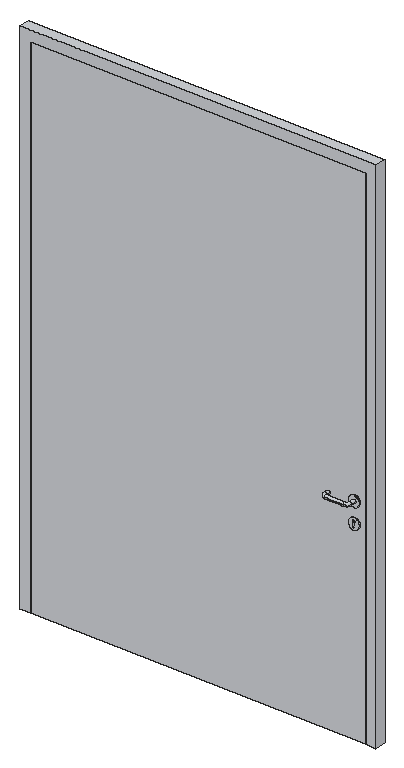
Revit family "CP-DR_1HI_Hinged Door", category Doors, Revit 2021
Family settings
  OmniClass Number = 23.25.20.14.11.11.17
  OmniClass Title = Infill Panels
  Always vertical = Yes
  Cut with Voids When Loaded = No
  Shared = No
  Room Calculation Point = Yes
Parameters (values of type "50_Off0_DS")
  YN_PanicBar = no
  YN_Opening_DoubleSide = yes
  YN_Handle_Internal = yes
  YN_Handle_External = yes
  Thickness = 0 mm  # constant formula
  TX_TypeCode = ""
  TX_Host [instance] = ""
  MA_Panel = none
  MA_Handle = none
  MA_Frame = none
  Function = Interior
  Description = "Porta a un'anta a battente va e vieni."
  Define Thermal Properties by = Schematic Type
  DI_Width_Rough [instance] = 1663.754 mm
  DI_Width_Clear [instance] = DI_Width  # 1563.754 mm
  DI_Width [instance] = DI_Width_Rough - (DI_Frame_Width * 2)  # 1563.754 mm
  DI_Panel_Width [instance] = DI_Width  # 1563.754 mm
  DI_Panel_Thickness = 50 mm
  DI_Panel_OffsetYC = 300 mm + DI_Panel_OffsetY  # 300 mm
  DI_Panel_OffsetY = 0 mm
  DI_Panel_Height [instance] = DI_Height  # 2388.4 mm
  DI_Opening_Angle = 90.00°
  DI_Height_Rough [instance] = 2438.4 mm
  DI_Height_Clear [instance] = DI_Height  # 2388.4 mm
  DI_Height [instance] = DI_Height_Rough - DI_Frame_Width  # 2388.4 mm
  DI_Handle_OffsetZ = 1000 mm
  DI_Handle_OffsetX = 50 mm
  DI_Frame_Width = 50 mm
  DI_Frame_Thickness = 50 mm
  DI_Angle = 0.00°
  Analytic Construction = "<None>"
Types (6, lengths in mm): name | YN_PanicBar | YN_Opening_DoubleSide | YN_Handle_Internal | Description | DI_Panel_OffsetYC | DI_Panel_OffsetY
  50_Off0_DS | no | yes | yes | "Porta a un'anta a battente va e vieni." | 300 | 0
  50_Off150_DS | no | yes | yes | "Porta a un'anta a battente va e vieni." | 450 | 150
  50_Off0_PB | yes | no | no | "Porta a un'anta a battente, con maniglione." | 300 | 0
  50_Off0 | no | no | yes | "Porta a un'anta a battente." | 300 | 0
  50_Off150 | no | no | yes | "Porta a un'anta a battente." | 450 | 150
  50_Off150_PB | yes | no | no | "Porta a un'anta a battente, con maniglione." | 450 | 150
Reference planes
  plane 1 "Front": y = 0
  plane 2: z = 0
  plane 3 "Center (Left/Right)": x = 0
  plane 4 "Left": x = -831.877
  plane 5 "Right": x = 831.877
  plane 6 "Top": z = 2438.4
  plane 7 "Front Panel": y = 0
  plane 8 "Back Panel": y = 50
  plane 9 "MidllePanel": y = 25
  plane 10 "Panel Right": x = 781.877
  plane 11 "Panel Left": x = -781.877
  plane 12 "Origin offset": y = -300
Lines and regions (mm)
  reference lines
    curve 1: line (-781.877, 50, 0) -> (-781.877, 690, 0)
    curve 2: line (-781.877, 0, 0) -> (-781.877, -640, 0)
    curve 3: line (-781.877, 50, 0) -> (-121.877, 50, 0)
Text (mm)
  text "Exterior" at (-1379.057, 797.241, 0), in view "Ref. Level"
  text "Exterior" at (12192, 1055.114, 2275.943), in view "Right"
  text "Exterior" at (-6096, 1468.734, 2687.031), in view "Left"
Dimensions and locks
  equal spacing: plane 4 "Left", plane 3 "Center (Left/Right)", plane 5 "Right"
  "DI_Panel_Thickness": plane 8 "Back Panel" to plane 7 "Front Panel"
  equal spacing: plane 8 "Back Panel", plane 9 "MidllePanel", plane 7 "Front Panel"
  "DI_Width_Rough": plane 4 "Left" to plane 5 "Right"
  "DI_Height_Rough": plane 2 to plane 6 "Top"
  "DI_Frame_Width": plane 10 "Panel Right" to plane 5 "Right"
  "DI_Frame_Width": plane 4 "Left" to plane 11 "Panel Left"
  locked: plane 1 "Front" to plane 12 "Origin offset" at 300
  "DI_Panel_OffsetYC": plane 7 "Front Panel" to plane 12 "Origin offset"
  "DI_Opening_Angle": angle plane 8 "Back Panel" to curve 1
  "DI_Opening_Angle": angle curve 2 to plane 7 "Front Panel"
  "DI_Angle": angle plane 8 "Back Panel" to curve 3
  aligned and locked: level to plane 2
  aligned and locked: plane 8 "Back Panel" to curve 1
  aligned and locked: plane 7 "Front Panel" to curve 2
  aligned and locked: plane 8 "Back Panel" to curve 3
  aligned and locked: plane 3 "Center (Left/Right)" to nested 7
  aligned and locked: plane 11 "Panel Left" to curve 3
  aligned and locked: plane 11 "Panel Left" to curve 1
  aligned and locked: plane 11 "Panel Left" to curve 2
  aligned and locked: nested 7 to plane 9 "MidllePanel"
Nested families
  nested 1: "DR.PN_Hinged Panel" at (-931.877, 831.877, 0) x (0, 1, 0) z (0, 0, 1), DI_Panel_Thickness <- "DI_Panel_Thickness", DI_Panel_Width <- "DI_Panel_Width", DI_Panel_Height <- "DI_Panel_Height", type "Hinged_Projection"
    with YN_Opening_DoubleSide no, Thickness 0 mm, MA_Panel none, DI_Panel_Width 1563.754 mm, DI_Panel_Thickness 50 mm, DI_Panel_OffsetY 0 mm, DI_Panel_Height 2388.4 mm, DI_Opening_Projection_Angle 90.00°
  nested 2: "DR.PN_Hinged Panel" at (0, 200, 0), DI_Opening_Projection_Angle <- "DI_Opening_Angle", DI_Panel_Height <- "DI_Panel_Height", DI_Panel_Thickness <- "DI_Panel_Thickness", DI_Panel_Width <- "DI_Panel_Width", MA_Panel <- "MA_Panel", YN_Opening_DoubleSide <- "YN_Opening_DoubleSide", type "Hinged"
    with YN_Opening_DoubleSide yes, Thickness 0 mm, MA_Panel none, DI_Panel_Width 1563.754 mm, DI_Panel_Thickness 50 mm, DI_Panel_OffsetY 0 mm, DI_Panel_Height 2388.4 mm, DI_Opening_Projection_Angle 90.00°
  nested 3: "DR.PN_Hinged Panel" at (-631.877, -781.877, 0) x (0, -1, 0) z (0, 0, 1), DI_Panel_Height <- "DI_Panel_Height", DI_Panel_Thickness <- "DI_Panel_Thickness", DI_Panel_Width <- "DI_Panel_Width", visible <- "YN_Opening_DoubleSide", DI_Panel_OffsetY <- "DI_Panel_Thickness", type "Hinged_Projection"
    with YN_Opening_DoubleSide no, Thickness 0 mm, MA_Panel none, DI_Panel_Width 1563.754 mm, DI_Panel_Thickness 50 mm, DI_Panel_OffsetY 50 mm, DI_Panel_Height 2388.4 mm, DI_Opening_Projection_Angle 45.00°
  nested 4: "DR.HA_Handle_DlineU_HW" at (-643.483, 0, 0) x (0, -1, 0) z (0, 0, 1), DI_Panel_Height <- "DI_Panel_Height", DI_Panel_OffsetY <- "DI_Panel_Thickness", DI_Panel_Thickness <- "DI_Panel_Thickness", DI_Panel_Width <- "DI_Panel_Width", YN_Handle_External <- "YN_Handle_External", YN_Handle_Internal <- "YN_Handle_Internal", DI_Handle_OffsetX <- "DI_Handle_OffsetX", visible <- "YN_Opening_DoubleSide", type "Projection"
    with YN_Opening_Pivot no, YN_Handle_Internal yes, YN_Handle_External yes, MA_Handle none, DI_Panel_Width 1563.754 mm, DI_Panel_Thickness 50 mm, DI_Panel_OffsetYC 50 mm, DI_Panel_OffsetY 50 mm, DI_Panel_Height 2388.4 mm, DI_Handle_OffsetZ 1000 mm, DI_Handle_OffsetX 50 mm
  nested 5: "DR.HA_Handle_DlineU_HW" at (-920.271, 50, 0) x (0, 1, 0) z (0, 0, 1), DI_Panel_Thickness <- "DI_Panel_Thickness", DI_Panel_Width <- "DI_Panel_Width", DI_Panel_Height <- "DI_Panel_Height", YN_Handle_External <- "YN_Handle_External", YN_Handle_Internal <- "YN_Handle_Internal", DI_Handle_OffsetX <- "DI_Handle_OffsetX", type "Projection"
    with YN_Opening_Pivot no, YN_Handle_Internal yes, YN_Handle_External yes, MA_Handle none, DI_Panel_Width 1563.754 mm, DI_Panel_Thickness 50 mm, DI_Panel_OffsetYC 0 mm, DI_Panel_OffsetY 0 mm, DI_Panel_Height 2388.4 mm, DI_Handle_OffsetZ 1000 mm, DI_Handle_OffsetX 50 mm
  nested 6: "DR.HA_Handle_DlineU_HW" at (-781.877, 188.394, 0), DI_Panel_Height <- "DI_Panel_Height", DI_Panel_Thickness <- "DI_Panel_Thickness", DI_Panel_Width <- "DI_Panel_Width", YN_Handle_External <- "YN_Handle_External", YN_Handle_Internal <- "YN_Handle_Internal", DI_Handle_OffsetZ <- "DI_Handle_OffsetZ", DI_Handle_OffsetX <- "DI_Handle_OffsetX", MA_Handle <- "MA_Handle", type "Cut"
    with YN_Opening_Pivot no, YN_Handle_Internal yes, YN_Handle_External yes, MA_Handle none, DI_Panel_Width 1563.754 mm, DI_Panel_Thickness 50 mm, DI_Panel_OffsetYC 0 mm, DI_Panel_OffsetY 0 mm, DI_Panel_Height 2388.4 mm, DI_Handle_OffsetZ 1000 mm, DI_Handle_OffsetX 50 mm
  nested 7: "DR.FR_Generic Frame" at (0, 25, 0), DI_Width <- "DI_Width_Rough", DI_Height <- "DI_Height_Rough", DI_Frame_Width <- "DI_Frame_Width", DI_Frame_Thickness <- "DI_Frame_Thickness", MA_Frame <- "MA_Frame", type "0"
    with built-in parameter 1001301 0 mm, Thickness 0 mm, MA_Frame none, built-in parameter 1001300 0 mm, DI_Width 1663.754 mm, DI_Height 2438.4 mm, DI_Frame_Width 50 mm, DI_Frame_Thickness 50 mm
  nested 8: "DR.HA_Handle_Panicbar_HW" at (-853.374, 50, 0) x (0, 1, 0) z (0, 0, 1), DI_Panel_Thickness <- "DI_Panel_Thickness", DI_Panel_Width <- "DI_Panel_Width", YN_Handle_Internal <- "YN_PanicBar", type "Projection"
    with YN_Handle_Internal no, YN_Handle_External no, MA_Handle none, DI_Panel_Width 1563.754 mm, DI_Panel_Thickness 50 mm, DI_Panel_OffsetYC 0 mm, DI_Panel_OffsetY 0 mm, DI_Handle_OffsetZ 1000 mm, DI_Handle_OffsetX 781.877 mm
  nested 9: "DR.HA_Handle_Panicbar_HW" at (-781.877, 121.497, 0), DI_Panel_Thickness <- "DI_Panel_Thickness", DI_Panel_Width <- "DI_Panel_Width", DI_Handle_OffsetZ <- "DI_Handle_OffsetZ", YN_Handle_Internal <- "YN_PanicBar", type "Cut"
    with YN_Handle_Internal no, YN_Handle_External no, MA_Handle none, DI_Panel_Width 1563.754 mm, DI_Panel_Thickness 50 mm, DI_Panel_OffsetYC 0 mm, DI_Panel_OffsetY 0 mm, DI_Handle_OffsetZ 1000 mm, DI_Handle_OffsetX 781.877 mm
  nested 10: "DR.HA_Handle_Panicbar_HW" at (-710.38, 0, 0) x (0, -1, 0) z (0, 0, 1), DI_Panel_Thickness <- "DI_Panel_Thickness", DI_Panel_Width <- "DI_Panel_Width", visible <- "YN_Opening_DoubleSide", DI_Panel_OffsetY <- "DI_Panel_Thickness", YN_Handle_Internal <- "YN_PanicBar", type "Projection"
    with YN_Handle_Internal no, YN_Handle_External no, MA_Handle none, DI_Panel_Width 1563.754 mm, DI_Panel_Thickness 50 mm, DI_Panel_OffsetYC 50 mm, DI_Panel_OffsetY 50 mm, DI_Handle_OffsetZ 1000 mm, DI_Handle_OffsetX 781.877 mm
Definition of nested family "DR.PN_Hinged Panel"
  Parameters (values of type "HingedVasistas")
    YN_Swing = not(YN_Panel_Projection)  # yes
    YN_Panel_Projection = no
    YN_Panel = not(YN_Panel_Projection)  # yes
    YN_Opening_Vasistas = yes
    YN_Opening_DoubleSide [instance] = no
    YN_3D = not(YN_Panel_Projection)  # yes
    Width = 0 mm  # constant formula
    Thickness [instance] = 0 mm  # constant formula
    Rough Width = 0 mm  # constant formula
    Rough Height = 0 mm  # constant formula
    MA_Panel [instance] = none
    Height = 0 mm  # constant formula
    Define Thermal Properties by = 1
    Default Elevation = 0 mm  # constant formula
    DI_Panel_Width [instance] = 1000 mm
    DI_Panel_Thickness [instance] = 100 mm
    DI_Panel_OffsetY [instance] = 0 mm
    DI_Panel_Height [instance] = 2100 mm
    DI_Opening_Projection_Angle [instance] = 60.00°
    Analytic Construction = "<None>"
  Types (3, lengths in mm): name | YN_Swing | YN_Panel_Projection | YN_Panel | YN_Opening_Vasistas | YN_3D | DI_Panel_Width | DI_Opening_Projection_Angle
    Hinged | yes | no | yes | no | yes | 800 | 90.00°
    HingedVasistas | yes | no | yes | yes | yes | 1000 | 60.00°
    Hinged_Projection | no | yes | no | no | no | 800 | 45.00°
  Reference planes
    plane 1 "Center (Front/Back)": y = -200
    plane 2: z = 0
    plane 3 "Center (Left/Right)": x = 0
    plane 4 "Left": x = -500
    plane 5 "Right": x = 500
    plane 6 "FrontPanel": y = -250
    plane 7 "Top": z = 2100
    plane 8: z = 1050
    plane 9 "BackPanel": y = -150
    plane 10 "SwingVasistas": y = -400
    plane 11: y = -150
  Forms (mm)
    Extrusion 1, solid, material <- "MA_Panel", visible <- "YN_3D"
      sketch origin (1340, 700, 0) x (1, 0, 0) y (0, 1, 0)
        loop
          line (-1840, -950) -> (-840, -950) -> (-840, -850) -> (-1840, -850) -> (-1840, -950)
      from 0 to 2100
  Lines and regions (mm)
    Masking region 1, visible <- "YN_Panel"
      outline origin (0, 0, 0) x (1, 0, 0) y (0, 1, 0)
        loop
          line (-500, -250) -> (500, -250) -> (500, -150) -> (-500, -150) -> (-500, -250)
    Masking region 2, visible <- "YN_Opening_Vasistas"
      outline origin (0, 0, 0) x (1, 0, 0) y (0, 1, 0)
        loop
          line (-500, -250) -> (500, -250) -> (500, -150) -> (-500, -150) -> (-500, -250)
    reference lines
      curve 1: line (-500, -150, 0) -> (-100, 542.82, 0)
      curve 10: line (-500, -250, 0) -> (-95, -951.481, 0)
    model lines, visible <- "YN_Opening_Vasistas"
      curve 2: line (-500, -150, 0) -> (0, -150, 2100)
      curve 3: line (0, -150, 2100) -> (500, -150, 0)
      curve 4: line (-500, -250, 0) -> (0, -250, 2100)
      curve 5: line (0, -250, 2100) -> (500, -250, 0)
      curve 19: line (-500, -250, 0) -> (0, -250, 2100)
      curve 20: line (0, -250, 2100) -> (500, -250, 0)
      curve 24: line (-500, -250, 0) -> (500, -250, 0)
      curve 25: line (-500, -400, 0) -> (-500, -250, 0)
      curve 26: line (500, -400, 0) -> (-500, -400, 0)
      curve 27: line (500, -250, 0) -> (500, -400, 0)
      curve 28: line (-500, -250, 0) -> (0, -400, 0)
      curve 29: line (0, -400, 0) -> (500, -250, 0)
    model lines, visible <- "YN_Panel"
      curve 6: line (-500, -250, 2100) -> (500, -250, 1050)
      curve 7: line (-500, -250, 0) -> (500, -250, 1050)
    model lines, visible <- "YN_Swing"
      curve 8: line (-500, -150, 2100) -> (500, -150, 1050)
      curve 9: line (500, -150, 1050) -> (-500, -150, 0)
      curve 21: line (-500, -250, 2100) -> (500, -250, 1050)
      curve 22: line (500, -250, 1050) -> (-500, -250, 0)
    symbolic lines, visible <- "YN_Swing"
      curve 11: line (-500, -150, 0) -> (0, 716.025, 0)
      curve 13: arc (500, -150, 0) -> (366.025, 350, 0) -> (0, 716.025, 0) r 1000
    symbolic lines, visible <- "YN_Opening_DoubleSide"
      curve 12: line (-500, -250, 0) -> (0, -1116.025, 0)
      curve 14: arc (500, -250, 0) -> (366.025, -750, 0) -> (0, -1116.025, 0) r 1000
    symbolic lines, visible <- "YN_Panel_Projection", detail levels medium+fine
      curve 15: line (-500, -250, 0) -> (-500, -150, 0)
      curve 16: line (500, -150, 0) -> (500, -250, 0)
      curve 18: line (-500, -250, 0) -> (500, -250, 0)
    symbolic lines, visible <- "YN_Panel_Projection"
      curve 17: line (-500, -150, 0) -> (500, -150, 0)
      curve 23: line (-500, -250, 0) -> (500, -250, 0)
  Dimensions and locks
    "DI_Panel_Width": plane 4 "Left" to plane 5 "Right"
    equal spacing: plane 4 "Left", plane 3 "Center (Left/Right)", plane 5 "Right"
    "DI_Panel_Thickness": plane 6 "FrontPanel" to plane 9 "BackPanel"
    "DI_Panel_Height": plane 7 "Top" to plane 2
    equal spacing: plane 7 "Top", plane 8, plane 2
    equal spacing: plane 6 "FrontPanel", plane 1 "Center (Front/Back)", plane 9 "BackPanel"
    locked: plane 6 "FrontPanel" to plane 10 "SwingVasistas" at 150
    "DI_Panel_OffsetY": plane 11 to plane 9 "BackPanel"
    "DI_Opening_Projection_Angle": angle plane 9 "BackPanel" to curve 1
    "DI_Opening_Projection_Angle": angle curve 10 to plane 6 "FrontPanel"
    aligned and locked: level to plane 2
    aligned and locked: plane 4 "Left" to curve 1
    aligned and locked: plane 9 "BackPanel" to curve 1
    aligned and locked: plane 4 "Left" to Masking region 1
    aligned and locked: plane 9 "BackPanel" to Masking region 1
    aligned and locked: plane 5 "Right" to Masking region 1
    aligned and locked: Masking region 1 to plane 6 "FrontPanel"
    aligned and locked: Masking region 2 sketch curve to plane 4 "Left"
    aligned and locked: Masking region 2 sketch curve to plane 9 "BackPanel"
    aligned and locked: Masking region 2 sketch curve to plane 6 "FrontPanel"
    aligned and locked: plane 5 "Right" to Masking region 2 sketch curve
    aligned and locked: plane 4 "Left" to Extrusion 1
    aligned and locked: plane 9 "BackPanel" to Extrusion 1
    aligned and locked: plane 5 "Right" to Extrusion 1
    aligned and locked: Extrusion 1 to plane 6 "FrontPanel"
    aligned and locked: plane 7 "Top" to Extrusion 1
    aligned and locked: plane 6 "FrontPanel" to curve 10
    aligned and locked: plane 4 "Left" to curve 10
    aligned and locked: curve 11 to curve 1
    aligned and locked: curve 12 to curve 10
    aligned and locked: curve 13 to curve 1
    aligned and locked: curve 17 to plane 9 "BackPanel"
    aligned and locked: curve 24 to plane 6 "FrontPanel"
    aligned and locked: curve 25 to plane 4 "Left"
    aligned and locked: curve 26 to plane 10 "SwingVasistas"
    aligned and locked: curve 27 to plane 5 "Right"
  Automatic sketch dimensions
    curve 6 to plane 5 "Right" = 0 mm
    curve 5 to level = 0 mm
    curve 5 to plane 5 "Right" = 0 mm
    curve 5 to plane 3 "Center (Left/Right)" = 0 mm
    curve 7 to level = 0 mm
    plane 4 "Left" to curve 7 = 0 mm
    plane 4 "Left" to curve 6 = 0 mm
    curve 6 to plane 8 = 0 mm
    curve 6 to plane 7 "Top" = 0 mm
    curve 5 to plane 7 "Top" = 0 mm
    curve 8 to plane 5 "Right" = 0 mm
    curve 3 to level = 0 mm
    curve 3 to plane 5 "Right" = 0 mm
    curve 3 to plane 3 "Center (Left/Right)" = 0 mm
    plane 4 "Left" to curve 8 = 0 mm
    curve 9 to level = 0 mm
    plane 4 "Left" to curve 9 = 0 mm
    curve 8 to plane 8 = 0 mm
    curve 8 to plane 7 "Top" = 0 mm
    curve 3 to plane 7 "Top" = 0 mm
    Masking region 1 sketch curve to plane 4 "Left" = 0 mm
    Masking region 1 sketch curve to plane 5 "Right" = 0 mm
    Masking region 1 sketch curve to plane 6 "FrontPanel" = 0 mm
    Masking region 1 sketch curve to plane 9 "BackPanel" = 0 mm
    Extrusion 1 sketch curve to plane 4 "Left" = 0 mm
    Extrusion 1 sketch curve to plane 5 "Right" = 0 mm
    Extrusion 1 sketch curve to plane 6 "FrontPanel" = 0 mm
    Extrusion 1 sketch curve to plane 9 "BackPanel" = 0 mm
    curve 13 to plane 4 "Left" = 0 mm
    curve 14 to plane 4 "Left" = 0 mm
    curve 28 to plane 3 "Center (Left/Right)" = 0 mm
    curve 21 to plane 5 "Right" = 0 mm
    curve 20 to level = 0 mm
    curve 20 to plane 5 "Right" = 0 mm
    curve 20 to plane 3 "Center (Left/Right)" = 0 mm
    plane 4 "Left" to curve 21 = 0 mm
    curve 22 to level = 0 mm
    plane 4 "Left" to curve 22 = 0 mm
    curve 21 to plane 8 = 0 mm
    curve 21 to plane 7 "Top" = 0 mm
    curve 20 to plane 7 "Top" = 0 mm
Definition of nested family "DR.HA_Handle_DlineU_HW"
  Parameters (values of type "Cut")
    YN_Opening_Pivot [instance] = no
    YN_Handle_Internal [instance] = yes
    YN_Handle_External [instance] = yes
    MA_Handle [instance] = none
    Handle = DR.HA_Handle_DlineU : Cut
    Define Thermal Properties by = 1
    Default Elevation = 0 mm  # constant formula
    DI_Panel_Width [instance] = 900 mm
    DI_Panel_Thickness [instance] = 40 mm
    DI_Panel_OffsetYC [instance] = if(YN_Opening_Pivot, (DI_Panel_Thickness / 2), DI_Panel_OffsetY)  # 0 mm
    DI_Panel_OffsetY [instance] = 0 mm
    DI_Panel_Height [instance] = 2148.093 mm
    DI_Handle_OffsetZ [instance] = 1000 mm
    DI_Handle_OffsetX [instance] = 50 mm
    Analytic Construction = "<None>"
  Types (2, lengths in mm): name | YN_Opening_Pivot | Handle | DI_Panel_OffsetYC
    Projection | yes | DR.HA_Handle_DlineU : Projection | 20
    Cut | no | DR.HA_Handle_DlineU : Cut | 0
  Reference planes
    plane 1 "Panel_Ext": y = -138.394
    plane 2: z = 0
    plane 3 "Center (Left/Right)": x = 0
    plane 4 "Panel_Int": y = -178.394
    plane 5: z = 1000
    plane 6: x = 900
    plane 7: x = 850
    plane 8: z = 2148.093
    plane 9 "Origin": y = -138.394
  Lines and regions (mm)
    symbolic lines, detail levels coarse
      curve 1: line (0, -178.394, 0) -> (0, -138.394, 0)
  Dimensions and locks
    "DI_Panel_Thickness": plane 4 "Panel_Int" to plane 1 "Panel_Ext"
    "DI_Handle_OffsetZ": plane 2 to plane 5
    "DI_Panel_Width": plane 6 to plane 3 "Center (Left/Right)"
    "DI_Handle_OffsetX": plane 6 to plane 7
    "DI_Panel_Height": plane 8 to level
    "DI_Panel_OffsetYC": plane 9 "Origin" to plane 1 "Panel_Ext"
    aligned and locked: plane 2 to level
    aligned and locked: plane 7 to nested 2
    aligned and locked: nested 1 to plane 7
    aligned and locked: plane 4 "Panel_Int" to nested 1
    aligned and locked: plane 1 "Panel_Ext" to nested 2
  Automatic sketch dimensions
    plane 1 "Panel_Ext" to curve 1 = 0 mm
    curve 1 to plane 3 "Center (Left/Right)" = 0 mm
    plane 4 "Panel_Int" to curve 1 = 0 mm
  Nested families
    nested 1: "DR.HA_Handle_DlineU" at (850, -178.394, 1000), built-in parameter 1001364 <- "DI_Handle_OffsetZ", visible <- "YN_Handle_Internal", MA_Handle <- "MA_Handle", type <- "Handle", type "Cut"
      with MA_Handle none
    nested 2: "DR.HA_Handle_DlineU" at (850, -138.394, 1000), built-in parameter 1001364 <- "DI_Handle_OffsetZ", visible <- "YN_Handle_External", MA_Handle <- "MA_Handle", type <- "Handle", type "Cut"
      with MA_Handle none
  Definition of nested family "DR.HA_Handle_DlineU"
    Parameters (values of type "Cut")
      YN_Graphics_Projection = no
      YN_Graphics_Cut = yes
      YN_3D = yes
      MA_Handle [instance] = none
      Define Thermal Properties by = 1
      Default Elevation = 0 mm  # constant formula
      Analytic Construction = "<None>"
    Types (2, lengths in mm): name | YN_Graphics_Projection | YN_Graphics_Cut | YN_3D
      Cut | no | yes | yes
      Projection | yes | no | no
    Reference planes
      plane 1 "Center (Front/Back)": y = 0
      plane 2: z = 0
      plane 3 "Center (Left/Right)": x = 0
    Forms (mm)
      Extrusion 1, solid, material <- "MA_Handle", visible <- "YN_3D"
        sketch origin (-0.15, 0, 0) x (1, 0, 0) y (0, 0, 1)
          loop
            circle (0, 0) r 25
        from 0 to 4
      Extrusion 2, solid, material <- "MA_Handle", visible <- "YN_3D", detail levels medium+fine
        sketch origin (-0.15, 0, -194.519) x (1, 0, 0) y (0, 0, 1)
          loop
            circle (0, 99.519) r 25
        from 0 to 4
      Extrusion 3, void, detail levels medium+fine
        sketch origin (-0.15, -15, 0) x (1, 0, 0) y (0, 0, 1)
          loop
            line (-3.787, -93.841) -> (-3.787, -107.646)
            arc (-3.787, -107.646) -> (0, -111.433) -> (3.787, -107.646) r 3.787
            line (3.787, -107.646) -> (3.787, -94.007)
            arc (3.787, -94.007) -> (0.321, -79.308) -> (-3.787, -93.841) r 7.8
        from -15 to 0
      Sweep 4, solid, material <- "MA_Handle", visible <- "YN_3D"
        path origin (0, 0, 0) x (1, 0, 0) y (0, 1, 0)
          loop
            line (-116, -10) -> (-116, -28)
            arc (-116, -28) -> (-111.899, -37.899) -> (-102, -42) r 14
            line (-102, -42) -> (-14, -42)
            arc (-14, -42) -> (-4.101, -37.899) -> (0, -28) r 14
            line (0, -28) -> (0, 0)
        profile origin (-58, -42, 0) x (0, 1, 0) y (0, 0, 1)
          loop
            circle (0, 0) r 7
    Cuts and joins
      Extrusion 3 cuts Extrusion 2
      joined: Extrusion 1, Sweep 4
    Lines and regions (mm)
      Masking region 1, visible <- "YN_Graphics_Cut"
        outline origin (0, 0, 0) x (1, 0, 0) y (0, 1, 0)
          loop
            line (-25.15, 0) -> (-25.15, -4) -> (-7, -4) -> (-7, -27.995)
            arc (-7, -27.995) -> (-9.05, -32.945) -> (-14, -34.995) r 7
            line (-14, -34.995) -> (-102, -34.995)
            arc (-102, -34.995) -> (-106.95, -32.945) -> (-109, -27.995) r 7
            line (-109, -27.995) -> (-109, -10) -> (-123, -10) -> (-123, -28.195)
            arc (-123, -28.195) -> (-116.908, -42.903) -> (-102.2, -48.995) r 20.8
            line (-102.2, -48.995) -> (-13.8, -48.995)
            arc (-13.8, -48.995) -> (0.908, -42.903) -> (7, -28.195) r 20.8
            line (7, -28.195) -> (7, -4) -> (24.85, -4) -> (24.85, 0) -> (-25.15, 0)
      symbolic lines, visible <- "YN_Graphics_Projection", detail levels medium+fine
        curve 1: line (-25.15, 0, 0) -> (24.85, 0, 0)
        curve 2: line (-25.15, -4, 0) -> (-7, -4, 0)
        curve 3: line (-25.15, -4, 0) -> (-25.15, 0, 0)
        curve 4: line (24.85, -4, 0) -> (24.85, 0, 0)
        curve 5: line (-102, -34.995, 0) -> (-14, -34.995, 0)
        curve 6: line (-7, -27.995, 0) -> (-7, -4, 0)
        curve 7: line (7, -28.195, 0) -> (7, -4, 0)
        curve 8: line (-13.8, -48.995, 0) -> (-102.2, -48.995, 0)
        curve 9: line (7, -4, 0) -> (24.85, -4, 0)
        curve 10: line (-123, -10, 0) -> (-109, -10, 0)
        curve 11: line (-109, -27.995, 0) -> (-109, -10, 0)
        curve 12: line (-123, -10, 0) -> (-123, -28.195, 0)
        curve 13: arc (-14, -34.995, 0) -> (-9.05, -32.945, 0) -> (-7, -27.995, 0) r 7
        curve 14: arc (7, -28.195, 0) -> (0.908, -42.903, 0) -> (-13.8, -48.995, 0) r 20.8
        curve 15: arc (-102, -34.995, 0) -> (-106.95, -32.945, 0) -> (-109, -27.995, 0) r 7
        curve 16: arc (-123, -28.195, 0) -> (-116.908, -42.903, 0) -> (-102.2, -48.995, 0) r 20.8
      symbolic lines, visible <- "YN_Graphics_Cut", detail levels medium+fine
        curve 17: line (-7, -4, 0) -> (7, -4, 0)
    Dimensions and locks
      Masking region 1 to Masking region 1 = 50 mm
      aligned and locked: plane 2 to level
      aligned and locked: cut or joined group of Extrusion 2, Extrusion 3 to Sweep 4 sketch curve
Definition of nested family "DR.FR_Generic Frame"
  Parameters (values of type "0")
    Width [instance] = 0 mm  # constant formula
    Thickness [instance] = 0 mm  # constant formula
    MA_Frame [instance] = none
    Height [instance] = 0 mm  # constant formula
    Define Thermal Properties by = 1
    Default Elevation = 0 mm
    DI_Width [instance] = 1200 mm
    DI_Height [instance] = 2100 mm
    DI_Frame_Width [instance] = 80 mm
    DI_Frame_Thickness [instance] = 150 mm
    Analytic Construction = "<None>"
  Reference planes
    plane 1 "Center (Front/Back)": y = 0
    plane 2: z = 0
    plane 3 "Center (Left/Right)": x = 0
    plane 4 "Left": x = -600
    plane 5 "Right": x = 600
    plane 6 "FrontFrame": y = -75
    plane 7 "Top": z = 2100
    plane 8: z = 1050
    plane 9: x = -520
    plane 10: x = 520
    plane 11 "BackFrame": y = 75
  Forms (mm)
    Sweep 1, solid, material <- "MA_Frame"
      path origin (0, -75, 0) x (-1, 0, 0) y (0, 0, 1)
        loop
          line (600, 0) -> (600, 2100) -> (-600, 2100) -> (-600, 0)
      profile origin (-600, -75, 1050) x (1, 0, 0) y (0, 1, 0)
        loop
          line (80, 150) -> (0, 150) -> (0, 0) -> (80, 0) -> (80, 150)
  Lines and regions (mm)
    Masking region 1
      outline origin (0, 0, 0) x (1, 0, 0) y (0, 1, 0)
        loop
          line (-600, -75) -> (-520, -75) -> (-520, 75) -> (-600, 75) -> (-600, -75)
    Masking region 2
      outline origin (0, 0, 0) x (1, 0, 0) y (0, 1, 0)
        loop
          line (600, -75) -> (600, 75) -> (520, 75) -> (520, -75) -> (600, -75)
  Dimensions and locks
    "DI_Width": plane 4 "Left" to plane 5 "Right"
    equal spacing: plane 4 "Left", plane 3 "Center (Left/Right)", plane 5 "Right"
    "DI_Frame_Thickness": plane 6 "FrontFrame" to plane 11 "BackFrame"
    "DI_Height": plane 7 "Top" to plane 2
    equal spacing: plane 7 "Top", plane 8, plane 2
    "DI_Frame_Width": plane 4 "Left" to plane 9
    "DI_Frame_Width": plane 10 to plane 5 "Right"
    equal spacing: plane 6 "FrontFrame", plane 1 "Center (Front/Back)", plane 11 "BackFrame"
    aligned and locked: level to plane 2
    aligned and locked: plane 4 "Left" to Sweep 1 sketch curve
    aligned and locked: plane 7 "Top" to Sweep 1 sketch curve
    aligned and locked: Sweep 1 sketch curve to plane 5 "Right"
    aligned and locked: plane 2 to Sweep 1 sketch curve  (x2)
    aligned and locked: Sweep 1 sketch curve to plane 9
    aligned and locked: Sweep 1 sketch curve to plane 6 "FrontFrame"
    aligned and locked: Sweep 1 sketch curve to plane 4 "Left"
    aligned and locked: Masking region 1 sketch curve to plane 4 "Left"
    aligned and locked: Masking region 1 sketch curve to plane 9
    aligned and locked: Masking region 1 sketch curve to plane 6 "FrontFrame"
    aligned and locked: plane 5 "Right" to Masking region 2 sketch curve
    aligned and locked: Masking region 2 sketch curve to plane 10
    aligned and locked: Masking region 2 sketch curve to plane 6 "FrontFrame"
    aligned and locked: plane 11 "BackFrame" to Masking region 1
    aligned and locked: plane 11 "BackFrame" to Masking region 2
    aligned and locked: plane 11 "BackFrame" to Sweep 1 sketch curve
  Automatic sketch dimensions
    Masking region 1 sketch curve to plane 1 "Center (Front/Back)" = 75 mm
    Masking region 2 sketch curve to plane 1 "Center (Front/Back)" = 75 mm
Definition of nested family "DR.HA_Handle_Panicbar_HW"
  Parameters (values of type "Projection")
    YN_Opening_Pivot = no
    YN_Handle_Internal [instance] = yes
    YN_Handle_External [instance] = no
    MA_Handle [instance] = none
    Handle = DR.HA_Handle_Panicbar : Projection
    Define Thermal Properties by = 1
    Default Elevation = 0 mm  # constant formula
    DI_Panel_Width [instance] = 900 mm
    DI_Panel_Thickness [instance] = 40 mm
    DI_Panel_OffsetYC [instance] = if(YN_Opening_Pivot, (DI_Panel_Thickness / 2), DI_Panel_OffsetY)  # 0 mm
    DI_Panel_OffsetY [instance] = 0 mm
    DI_Handle_OffsetZ [instance] = 1000 mm
    DI_Handle_OffsetX [instance] = DI_Panel_Width / 2  # 450 mm
    Analytic Construction = "<None>"
  Types (2, lengths in mm): name | Handle | DI_Panel_Width | DI_Handle_OffsetX
    Projection | DR.HA_Handle_Panicbar : Projection | 900 | 450
    Cut | DR.HA_Handle_Panicbar : Cut | 800 | 400
  Reference planes
    plane 1 "Panel_Ext": y = -71.497
    plane 2: z = 0
    plane 3 "Center (Left/Right)": x = 0
    plane 4 "Panel_Int": y = -111.497
    plane 5: z = 1000
    plane 6: x = 900
    plane 7: x = 450
    plane 8 "Origin": y = -71.497
  Lines and regions (mm)
    symbolic lines, detail levels coarse
      curve 1: line (0, -111.497, 0) -> (0, -71.497, 0)
  Dimensions and locks
    "DI_Panel_Thickness": plane 4 "Panel_Int" to plane 1 "Panel_Ext"
    "DI_Handle_OffsetZ": plane 2 to plane 5
    "DI_Panel_Width": plane 6 to plane 3 "Center (Left/Right)"
    "DI_Handle_OffsetX": plane 6 to plane 7
    "DI_Panel_OffsetYC": plane 1 "Panel_Ext" to plane 8 "Origin"
    aligned and locked: plane 2 to level
    aligned and locked: plane 4 "Panel_Int" to nested 1
    aligned and locked: nested 1 to plane 7
  Automatic sketch dimensions
    plane 1 "Panel_Ext" to curve 1 = 0 mm
    curve 1 to plane 3 "Center (Left/Right)" = 0 mm
    plane 4 "Panel_Int" to curve 1 = 0 mm
  Nested families
    nested 1: "DR.HA_Handle_Panicbar" at (450, -111.497, 1000), visible <- "YN_Handle_Internal", built-in parameter 1001364 <- "DI_Handle_OffsetZ", type <- "Handle", DI_Width <- "DI_Panel_Width", type "Projection"
      with DI_Width 900 mm
  Definition of nested family "DR.HA_Handle_Panicbar"
    Parameters (values of type "Cut")
      YN_Graphics_Projection = no
      YN_Graphics_Cut = yes
      YN_3D = yes
      Width = 0 mm  # constant formula
      Thickness = 0 mm  # constant formula
      Rough Width = 0 mm  # constant formula
      Rough Height = 0 mm  # constant formula
      MA_Material = none
      Height = 0 mm  # constant formula
      Define Thermal Properties by = 1
      Default Elevation = 0 mm
      DI_Width [instance] = 1000 mm
      Analytic Construction = "<None>"
    Types (3, lengths in mm): name | YN_Graphics_Projection | YN_Graphics_Cut | YN_3D
      (no name) | no | yes | yes
      Cut | no | yes | yes
      Projection | yes | no | no
    Reference planes
      plane 1 "Center (Front/Back)": y = 0
      plane 2: z = 0
      plane 3 "Center (Left/Right)": x = 0
      plane 4: x = -445
      plane 5: x = 445
      plane 6: y = -80
      plane 7: x = -495
      plane 8: x = 495
      plane 9: y = -55
      plane 10: y = -52
      plane 11: z = 155.5
      plane 12: z = -25
      plane 13: z = 7.5
      plane 14 "Panel Left": x = -500
      plane 15 "Panel Right": x = 500
      plane 16: x = 451
      plane 17: x = -451
    Forms (mm)
      Extrusion 1, solid, material <- "MA_Material", visible <- "YN_3D"
        sketch origin (0, 0, 12.5) x (0, 1, 0) y (0, 0, 1)
          loop
            circle (-67.5, -25) r 12.5
        from -451 to 451
      Extrusion 2, solid, material <- "MA_Material", visible <- "YN_3D"
        sketch origin (-495, 0, 0) x (0, 1, 0) y (0, 0, 1)
          loop
            line (0, 155.5) -> (-36, 155.5)
            arc (-36, 155.5) -> (-52, 81.5) -> (-36, 7.5) r 179.125
            line (-36, 7.5) -> (0, 7.5) -> (0, 155.5)
        from 0 to 50
      Extrusion 3, solid, material <- "MA_Material", visible <- "YN_3D"
        sketch origin (-459, 0, 0) x (0, 1, 0) y (0, 0, 1)
          loop
            arc (-78.794, -7.142) -> (-72.858, -23.794) -> (-56.206, -17.858) r 12.5
            line (-56.206, -17.858) -> (-39.843, 16.635)
            arc (-39.843, 16.635) -> (-45.853, 34.976) -> (-49.854, 53.858) r 179.125
            line (-49.854, 53.858) -> (-78.794, -7.142)
        from 0 to 8
      Extrusion 4, solid, material <- "MA_Material", visible <- "YN_3D"
        sketch origin (495, 0, 0) x (0, -1, 0) y (0, 0, 1)
          loop
            line (0, 155.5) -> (0, 7.5) -> (36, 7.5)
            arc (36, 7.5) -> (52, 81.5) -> (36, 155.5) r 179.125
            line (36, 155.5) -> (0, 155.5)
        from 0 to 50
      Extrusion 5, solid, material <- "MA_Material", visible <- "YN_3D"
        sketch origin (459, 0, 0) x (0, -1, 0) y (0, 0, 1)
          loop
            line (78.794, -7.142) -> (49.854, 53.858)
            arc (49.854, 53.858) -> (45.853, 34.976) -> (39.843, 16.635) r 179.125
            line (39.843, 16.635) -> (56.206, -17.858)
            arc (56.206, -17.858) -> (72.858, -23.794) -> (78.794, -7.142) r 12.5
        from 0 to 8
      Extrusion 6, solid, material <- "MA_Material", visible <- "YN_3D", not visible
        sketch origin (495, 0, 0) x (0, -1, 0) y (0, 0, 1)
          loop
            line (0, 155.5) -> (0, 7.5) -> (36, 7.5)
            arc (36, 7.5) -> (52, 81.5) -> (36, 155.5) r 179.125
            line (36, 155.5) -> (0, 155.5)
        from 0 to 50
      Extrusion 7, solid, material <- "MA_Material", visible <- "YN_3D", not visible
        sketch origin (459, 0, 0) x (0, -1, 0) y (0, 0, 1)
          loop
            line (78.794, -7.142) -> (49.854, 53.858)
            arc (49.854, 53.858) -> (45.853, 34.976) -> (39.843, 16.635) r 179.125
            line (39.843, 16.635) -> (56.206, -17.858)
            arc (56.206, -17.858) -> (72.858, -23.794) -> (78.794, -7.142) r 12.5
        from 0 to 8
    Lines and regions (mm)
      Masking region 1, visible <- "YN_Graphics_Cut", detail levels coarse
        outline origin (0, 0, 0) x (1, 0, 0) y (0, 1, 0)
          loop
            line (-495, 0) -> (-495, -80) -> (495, -80) -> (495, 0) -> (-495, 0)
      Masking region 2, visible <- "YN_Graphics_Cut", detail levels medium+fine
        outline origin (0, 0, 0) x (1, 0, 0) y (0, 1, 0)
          loop
            line (-495, 0) -> (-495, -52) -> (-459, -52) -> (-459, -80) -> (459, -80) -> (459, -52) -> (495, -52) -> (495, 0) -> (445, 0) -> (445, -52) -> (451, -52) -> (451, -55) -> (-451, -55) -> (-451, -52) -> (-445, -52) -> (-445, 0) -> (-495, 0)
      symbolic lines, visible <- "YN_Graphics_Projection", detail levels medium+fine
        curve 1: line (-495, 0, 0) -> (-445, 0, 0)
        curve 2: line (-495, -52, 0) -> (-495, 0, 0)
        curve 3: line (-445, -52, 0) -> (-495, -52, 0)
        curve 4: line (-445, 0, 0) -> (-445, -52, 0)
        curve 6: line (-451, -52, 0) -> (-451, -80, 0)
        curve 7: line (459, -80, 0) -> (-459, -80, 0)
        curve 8: line (-459, -80, 0) -> (-459, -52, 0)
        curve 9: line (495, 0, 0) -> (445, 0, 0)
        curve 10: line (495, -52, 0) -> (495, 0, 0)
        curve 11: line (445, -52, 0) -> (495, -52, 0)
        curve 12: line (445, 0, 0) -> (445, -52, 0)
        curve 14: line (451, -52, 0) -> (451, -80, 0)
        curve 15: line (459, -80, 0) -> (459, -52, 0)
        curve 16: line (-451, -55, 0) -> (451, -55, 0)
      symbolic lines, visible <- "YN_Graphics_Projection", detail levels fine
        curve 5: line (-445, -36, 0) -> (-495, -36, 0)
        curve 13: line (445, -36, 0) -> (495, -36, 0)
      symbolic lines, visible <- "YN_Graphics_Cut", detail levels fine
        curve 17: line (-445, -36, 0) -> (-495, -36, 0)
        curve 18: line (445, -36, 0) -> (495, -36, 0)
        curve 19: line (-451, -55, 0) -> (-451, -80, 0)
        curve 20: line (451, -55, 0) -> (451, -80, 0)
    Dimensions and locks
      plane 9 to plane 6 = 25 mm
      locked: plane 6 to plane 1 "Center (Front/Back)" at 80
      locked: plane 7 to plane 4 at 50
      locked: plane 5 to plane 8 at 50
      locked: plane 14 "Panel Left" to plane 7 at 5
      locked: plane 15 "Panel Right" to plane 8 at 5
      equal spacing: plane 14 "Panel Left", plane 3 "Center (Left/Right)", plane 15 "Panel Right"
      "DI_Width": plane 14 "Panel Left" to plane 15 "Panel Right"
      plane 10 to plane 1 "Center (Front/Back)" = 52 mm
      locked: curve 8 to curve 6 at 8
      locked: curve 15 to curve 14 at 8
      locked: plane 12 to plane 2 at 25
      locked: plane 5 to plane 16 at 6
      locked: plane 4 to plane 17 at 6
      plane 11 to plane 13 = 148 mm
      locked: Extrusion 3 to plane 17 at 8
      locked: Extrusion 5 to plane 16 at 8
      aligned and locked: level to plane 2
      aligned and locked: Masking region 1 to plane 7
      aligned and locked: Masking region 1 to plane 1 "Center (Front/Back)"
      aligned and locked: Masking region 1 to plane 6
      aligned and locked: Masking region 1 to plane 8
      aligned and locked: Masking region 2 to plane 7
      aligned and locked: Masking region 2 to plane 6
      aligned and locked: Masking region 2 to plane 8
      aligned and locked: Masking region 2 to plane 1 "Center (Front/Back)"
      aligned and locked: plane 1 "Center (Front/Back)" to curve 1
      aligned and locked: plane 7 to curve 2
      aligned and locked: plane 10 to curve 3
      aligned and locked: curve 4 to plane 4
      aligned and locked: plane 6 to curve 7
      aligned and locked: curve 12 to plane 5
      aligned and locked: curve 10 to plane 8
      aligned and locked: curve 16 to plane 9
      aligned and locked: curve 19 to Masking region 2
      aligned and locked: Masking region 2 to curve 20
      aligned and locked: Masking region 2 to Extrusion 1
      aligned and locked: Extrusion 1 to Masking region 2
      aligned and locked: Extrusion 2 to plane 7
      aligned and locked: plane 4 to Extrusion 2
      aligned and locked: Extrusion 3 to plane 17
      aligned and locked: plane 17 to Extrusion 1
      aligned and locked: plane 16 to Extrusion 1
    Automatic sketch dimensions
      Extrusion 3 sketch curve to Extrusion 3 sketch curve = 11.294 mm  (x2)
      Extrusion 2 sketch curve to Extrusion 2 sketch curve = 0 mm
      Extrusion 2 sketch curve to Extrusion 2 sketch curve = 36 mm
      Extrusion 2 sketch curve to Extrusion 2 sketch curve = 127.125 mm
      Extrusion 2 sketch curve to Extrusion 2 sketch curve = 74 mm
      Extrusion 3 sketch curve to Extrusion 3 sketch curve = 28.939 mm
      Extrusion 3 sketch curve to Extrusion 3 sketch curve = 16.364 mm
      Extrusion 3 sketch curve to Extrusion 3 sketch curve = 166.968 mm
      Extrusion 3 sketch curve to Extrusion 3 sketch curve = 5.358 mm
      Extrusion 3 sketch curve to Extrusion 3 sketch curve = 34.492 mm
      Extrusion 3 sketch curve to Extrusion 3 sketch curve = 37.223 mm
      Extrusion 5 sketch curve to Extrusion 5 sketch curve = 11.294 mm  (x2)
      Extrusion 4 sketch curve to Extrusion 4 sketch curve = 0 mm
      Extrusion 4 sketch curve to Extrusion 4 sketch curve = 36 mm
      Extrusion 4 sketch curve to Extrusion 4 sketch curve = 127.125 mm
      Extrusion 4 sketch curve to Extrusion 4 sketch curve = 74 mm
      Extrusion 5 sketch curve to Extrusion 5 sketch curve = 28.939 mm
      Extrusion 5 sketch curve to Extrusion 5 sketch curve = 16.364 mm
      Extrusion 5 sketch curve to Extrusion 5 sketch curve = 166.968 mm
      Extrusion 5 sketch curve to Extrusion 5 sketch curve = 5.358 mm
      Extrusion 5 sketch curve to Extrusion 5 sketch curve = 34.492 mm
      Extrusion 5 sketch curve to Extrusion 5 sketch curve = 37.223 mm
      plane 1 "Center (Front/Back)" to curve 9 = 0 mm
      curve 18 to curve 13 = 0 mm
      curve 17 to curve 5 = 0 mm
      Masking region 1 sketch curve to plane 6 = 0 mm
      Masking region 1 sketch curve to plane 7 = 0 mm
      Masking region 1 sketch curve to plane 8 = 0 mm
      plane 1 "Center (Front/Back)" to Masking region 1 sketch curve = 0 mm
      Masking region 2 sketch curve to plane 7 = 0 mm
      Masking region 2 sketch curve to plane 6 = 0 mm
      Masking region 2 sketch curve to plane 10 = 0 mm  (x4)
      Masking region 2 sketch curve to plane 9 = 0 mm
      Masking region 2 sketch curve to plane 17 = 0 mm
      plane 1 "Center (Front/Back)" to Masking region 2 sketch curve = 0 mm  (x2)
      Masking region 2 sketch curve to plane 4 = 0 mm
      Masking region 2 sketch curve to plane 5 = 0 mm
      Masking region 2 sketch curve to plane 16 = 0 mm
      Masking region 2 sketch curve to plane 8 = 0 mm
      plane 17 to Masking region 2 sketch curve = 8 mm
      Masking region 2 sketch curve to Masking region 2 sketch curve = 8 mm
      plane 6 to Extrusion 1 sketch curve = 12.5 mm
      Extrusion 1 sketch curve to level = 12.5 mm
      Extrusion 7 sketch curve to Extrusion 7 sketch curve = 11.294 mm  (x2)
      Extrusion 6 sketch curve to Extrusion 6 sketch curve = 0 mm
      Extrusion 6 sketch curve to Extrusion 6 sketch curve = 36 mm
      Extrusion 6 sketch curve to Extrusion 6 sketch curve = 127.125 mm
      Extrusion 6 sketch curve to Extrusion 6 sketch curve = 74 mm
      Extrusion 7 sketch curve to Extrusion 7 sketch curve = 28.939 mm
      Extrusion 7 sketch curve to Extrusion 7 sketch curve = 16.364 mm
      Extrusion 7 sketch curve to Extrusion 7 sketch curve = 166.968 mm
      Extrusion 7 sketch curve to Extrusion 7 sketch curve = 5.358 mm
      Extrusion 7 sketch curve to Extrusion 7 sketch curve = 34.492 mm
      Extrusion 7 sketch curve to Extrusion 7 sketch curve = 37.223 mm
      curve 6 to plane 17 = 0 mm
      curve 14 to plane 16 = 0 mm
      curve 12 to plane 10 = 0 mm
      curve 2 to curve 17 = 16 mm
      curve 11 to curve 13 = 16 mm
      radius of Extrusion 1 sketch curve = 12.5 mm
